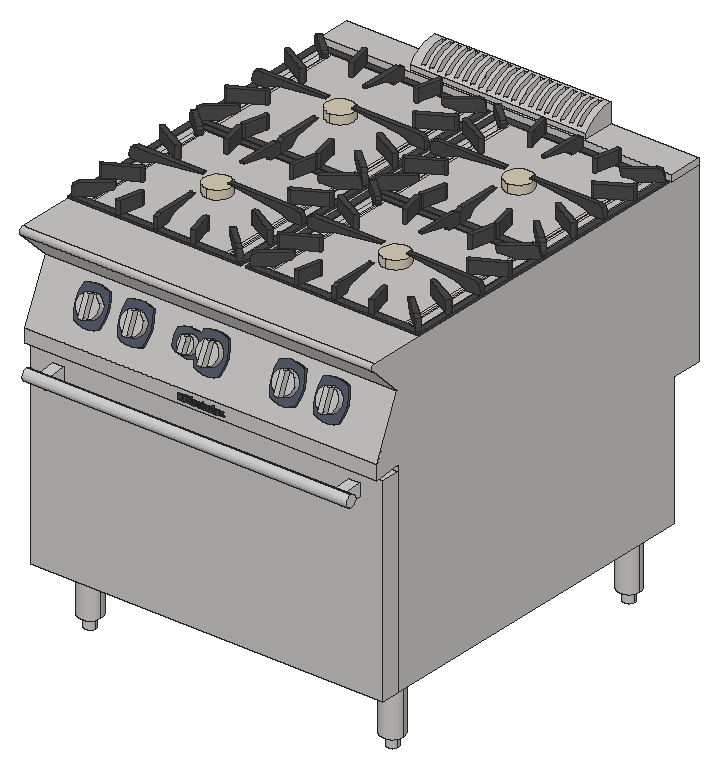
Revit family "QF_ELECTROLUXPROFESSIONAL_391004_E9GCGH4CGL", category Specialty Equipment, Revit 2018 (continued)
Automatic sketch dimensions
  Extrusion 12 sketch curve to Extrusion 12 sketch curve = 0.137 mm
  Extrusion 12 sketch curve to Extrusion 12 sketch curve = 0.027 mm
  Extrusion 12 sketch curve to Extrusion 12 sketch curve = 2.235 mm
  Extrusion 13 sketch curve to Extrusion 1 = 0 mm
  Extrusion 1 to Extrusion 13 sketch curve = 9.61 mm
  Extrusion 13 sketch curve to Extrusion 1 = 0.775 mm
  Extrusion 1 to Extrusion 13 sketch curve = 0.1 mm
  Extrusion 15 sketch curve to plane 12 = 298.908 mm
  plane 5 "FRONT" to Extrusion 15 sketch curve = 18.336 mm
  Extrusion 15 sketch curve to Extrusion 15 sketch curve = 3.343 mm
  Extrusion 15 sketch curve to Extrusion 15 sketch curve = 2.066 mm
  Extrusion 15 sketch curve to Extrusion 15 sketch curve = 0 mm  (x2)
  Extrusion 15 sketch curve to Extrusion 15 sketch curve = 1.593 mm
  Extrusion 15 sketch curve to Extrusion 15 sketch curve = 5.756 mm
  Extrusion 15 sketch curve to Extrusion 15 sketch curve = 4.906 mm
  Extrusion 15 sketch curve to Extrusion 15 sketch curve = 5.312 mm
  plane 5 "FRONT" to Extrusion 15 sketch curve = 9.206 mm
  Extrusion 15 sketch curve to Extrusion 15 sketch curve = 11.3 mm
  Extrusion 15 sketch curve to Extrusion 15 sketch curve = 28.009 mm
  Extrusion 15 sketch curve to Extrusion 15 sketch curve = 2.83 mm
  Extrusion 16 sketch curve to plane 12 = 298.908 mm
  plane 5 "FRONT" to Extrusion 16 sketch curve = 18.336 mm
  Extrusion 16 sketch curve to Extrusion 16 sketch curve = 3.343 mm
  Extrusion 16 sketch curve to Extrusion 16 sketch curve = 2.066 mm
  Extrusion 16 sketch curve to Extrusion 16 sketch curve = 0 mm  (x2)
  Extrusion 16 sketch curve to Extrusion 16 sketch curve = 1.593 mm
  Extrusion 16 sketch curve to Extrusion 16 sketch curve = 5.756 mm
  Extrusion 16 sketch curve to Extrusion 16 sketch curve = 4.906 mm
  Extrusion 16 sketch curve to Extrusion 16 sketch curve = 5.312 mm
  plane 5 "FRONT" to Extrusion 16 sketch curve = 9.206 mm
  Extrusion 16 sketch curve to Extrusion 16 sketch curve = 11.3 mm
  Extrusion 16 sketch curve to Extrusion 16 sketch curve = 28.009 mm
  Extrusion 16 sketch curve to Extrusion 16 sketch curve = 11.2 mm
  plane 5 "FRONT" to Extrusion 19 sketch curve = 0 mm  (x2)
  plane 1 "BACK" to Extrusion 19 sketch curve = 0 mm
  Extrusion 19 sketch curve to plane 3 "LEFT" = 0 mm
  Extrusion 19 sketch curve to plane 4 "RIGHT" = 0 mm
  Extrusion 19 sketch curve to plane 3 "LEFT" = 100.013 mm
  Extrusion 19 sketch curve to Extrusion 19 sketch curve = 100.013 mm
  Extrusion 19 sketch curve to plane 1 "BACK" = 100.013 mm
  Extrusion 1 sketch curve to plane 5 "FRONT" = 7.973 mm
  Extrusion 1 sketch curve to plane 5 "FRONT" = 13.51 mm
  plane 15 to Extrusion 1 sketch curve = 57.381 mm
  Extrusion 15 sketch curve to plane 5 "FRONT" = 29.472 mm
  Extrusion 16 sketch curve to plane 5 "FRONT" = 29.472 mm
  Extrusion 17 sketch curve to Extrusion 13 = 0 mm  (x2)
  Extrusion 17 sketch curve to Extrusion 13 = 3.712 mm
  Extrusion 17 sketch curve to Extrusion 13 = 0.003 mm
  Extrusion 13 to Extrusion 17 sketch curve = 3.53 mm
  plane 4 "RIGHT" to Revolve 3 sketch curve = 55.563 mm
  Revolve 3 sketch curve to Revolve 3 sketch curve = 0 mm
  plane 4 "RIGHT" to Revolve 4 sketch curve = 55.562 mm
  Revolve 4 sketch curve to Revolve 4 sketch curve = 0 mm
  Extrusion 9 sketch curve to Extrusion 9 sketch curve = 15.898 mm
  plane 5 "FRONT" to curve 1 = 0 mm
  curve 10 to plane 3 "LEFT" = 0 mm
  plane 17 to curve 10 = 0 mm
  curve 8 to plane 4 "RIGHT" = 0 mm
  plane 5 "FRONT" to curve 6 = 0 mm
  curve 1 to plane 3 "LEFT" = 100.013 mm
  plane 4 "RIGHT" to curve 10 = 0.1 mm
  curve 3 to plane 4 "RIGHT" = 100.013 mm
  curve 3 to plane 5 "FRONT" = 0.396 mm
  curve 11 to plane 5 "FRONT" = 1.275 mm
  plane 11 to curve 7 = 4.762 mm
  curve 2 to plane 1 "BACK" = 100.013 mm
  plane 13 to curve 13 = 25.075 mm
  plane 13 to curve 20 = 5.2 mm
  curve 22 to plane 13 = 20.2 mm
  curve 17 to plane 19 = 20.2 mm
  plane 19 to curve 23 = 5.2 mm
  plane 5 "FRONT" to curve 15 = 7.706 mm
  curve 15 to curve 15 = 19.875 mm
  curve 12 to curve 15 = 25.4 mm
  curve 17 to curve 17 = 23.508 mm
  curve 12 to curve 20 = 9.598 mm
  curve 18 to curve 17 = 7.706 mm
  curve 19 to curve 20 = 7.706 mm
  plane 1 "BACK" to curve 26 = 0 mm
  curve 24 to plane 13 = 144 mm
  plane 1 "BACK" to curve 106 = 6.761 mm
  curve 24 to curve 106 = 20.698 mm
  curve 105 to curve 103 = 9.296 mm
  curve 103 to curve 102 = 9.397 mm
  curve 100 to curve 99 = 9.296 mm
  curve 99 to curve 97 = 9.397 mm
  curve 97 to curve 98 = 9.296 mm
  curve 95 to curve 93 = 9.397 mm
  curve 93 to curve 94 = 9.296 mm
  curve 91 to curve 88 = 9.397 mm
  curve 89 to curve 87 = 9.296 mm
  curve 87 to curve 85 = 9.397 mm
  curve 85 to curve 86 = 9.296 mm
  curve 83 to curve 82 = 9.397 mm
  curve 81 to curve 82 = 9.296 mm
  curve 79 to curve 78 = 9.397 mm
  curve 77 to curve 78 = 9.296 mm
  curve 75 to curve 72 = 9.397 mm
  curve 72 to curve 72 = 9.296 mm
  curve 71 to curve 68 = 9.397 mm
  curve 67 to plane 7 "Center Y" = 1.823 mm
  plane 7 "Center Y" to curve 65 = 7.574 mm
  curve 64 to curve 64 = 9.296 mm
  curve 63 to curve 61 = 9.397 mm
  curve 61 to curve 59 = 9.296 mm
  curve 59 to curve 57 = 9.397 mm
  curve 57 to curve 55 = 9.296 mm
  curve 55 to curve 53 = 9.397 mm
  curve 53 to curve 51 = 9.296 mm
  curve 51 to curve 48 = 9.397 mm
  curve 49 to curve 47 = 9.296 mm
  curve 47 to curve 45 = 9.397 mm
  curve 45 to curve 46 = 9.296 mm
  curve 43 to curve 41 = 9.397 mm
  curve 41 to curve 42 = 9.296 mm
  curve 39 to curve 37 = 9.397 mm
  curve 37 to curve 38 = 9.296 mm
  curve 35 to curve 32 = 9.397 mm
  curve 33 to curve 31 = 9.296 mm
  curve 31 to curve 28 = 9.397 mm
  curve 29 to curve 27 = 9.296 mm
  curve 30 to curve 26 = 14.847 mm
  plane 11 to curve 26 = 11.113 mm
  plane 11 to curve 104 = 17.052 mm
  plane 11 to curve 100 = 17.052 mm
  curve 100 to curve 96 = 0 mm
  curve 25 to curve 27 = 5.939 mm
  curve 95 to curve 93 = 0 mm
  curve 31 to curve 28 = 0 mm
  curve 91 to curve 89 = 0 mm
  curve 35 to curve 32 = 0 mm
  curve 87 to curve 85 = 0 mm
  curve 39 to curve 36 = 0 mm
  curve 83 to curve 81 = 0 mm
  curve 43 to curve 40 = 0 mm
  curve 79 to curve 77 = 0 mm
  curve 47 to curve 44 = 0 mm
  curve 75 to curve 73 = 0 mm
  curve 51 to curve 48 = 0 mm
  curve 71 to curve 69 = 0 mm
  curve 55 to curve 52 = 0 mm
  curve 67 to curve 65 = 0 mm
  curve 59 to curve 56 = 0 mm
  plane 1 "BACK" to curve 62 = 6.761 mm
  plane 1 "BACK" to curve 63 = 6.761 mm
  plane 1 "BACK" to curve 58 = 6.761 mm
  plane 1 "BACK" to curve 67 = 6.761 mm
  plane 1 "BACK" to curve 54 = 6.761 mm
  plane 1 "BACK" to curve 50 = 6.761 mm
  plane 1 "BACK" to curve 73 = 6.761 mm
  plane 1 "BACK" to curve 75 = 6.761 mm
  plane 1 "BACK" to curve 46 = 6.761 mm
  plane 1 "BACK" to curve 42 = 6.761 mm
  plane 1 "BACK" to curve 81 = 6.761 mm
  plane 1 "BACK" to curve 38 = 6.761 mm
  plane 1 "BACK" to curve 85 = 6.761 mm
  plane 1 "BACK" to curve 34 = 6.761 mm
  plane 1 "BACK" to curve 89 = 6.761 mm
  plane 1 "BACK" to curve 91 = 6.761 mm
  plane 1 "BACK" to curve 30 = 6.761 mm
  plane 1 "BACK" to curve 101 = 6.761 mm
  plane 1 "BACK" to curve 97 = 6.761 mm
  radius of Extrusion 10 sketch curve = 25.4 mm  (x5)
  radius of Extrusion 10 sketch curve = 19.05 mm
  radius of Extrusion 11 sketch curve to Extrusion 10 = 0 mm  (x6)
  radius of Extrusion 14 sketch curve to Extrusion 16 = 0 mm
  radius of Extrusion 18 sketch curve = 6.4 mm  (x2)
Nested families
  nested 1: "371009_BURNER" at (393.7, -440.488, 0) x (-1, 0, 0) z (0, 0, 1), type "371009_BURNER"
    with Type Mark "", Status "", Specification by User "", Revision Code "", Item Number "", Installed By "", Identify Quantity as Lot yes, Furnished By "", Foodservice Equipment Identifier yes
  nested 2: "371009_BURNER" at (393.7, -440.488, 0) x (-1, 0, 0) z (0, 0, 1), type "371009_BURNER"
    with Type Mark "", Status "", Specification by User "", Revision Code "", Item Number "", Installed By "", Identify Quantity as Lot yes, Furnished By "", Foodservice Equipment Identifier yes
  nested 3: "371009_BURNER" at (406.4, -440.488, 0), type "371009_BURNER"
    with Type Mark "", Status "", Specification by User "", Revision Code "", Item Number "", Installed By "", Identify Quantity as Lot yes, Furnished By "", Foodservice Equipment Identifier yes
  nested 4: "371009_BURNER" at (406.4, -440.488, 0), type "371009_BURNER"
    with Type Mark "", Status "", Specification by User "", Revision Code "", Item Number "", Installed By "", Identify Quantity as Lot yes, Furnished By "", Foodservice Equipment Identifier yes
Connectors
  piping at (749.3, -665.163, 128.587), diameter 12.8
    settings: on Extrusion 18, index 1, connector inside diameter 0.50394", connector length 0 mm, flow factor 0, pipe flow 0 GPM, pressure drop 0.00 psi, fitting loss kfactor 0, connector angle 0.00°, fixture units 0, engagement length 0 mm, angle of deflection 0.00°, flow configuration 1, flow direction 1, fitting loss method 0, system type 7, joint type 0, gender type 0, connector reference index -1, connector utility 0, adjustable connector no, is connector primary yes, connector description "GAS CONNECTION"
Definition of nested family "371009_BURNER"
  Parameters
    Weight in Pounds = 0
    URL Cutsheet = ""
    URL = "www.electrolux.com"
    Type Mark [instance] = ""
    Status [instance] = ""
    Specification by User [instance] = ""
    Specification by Manufacturer = ""
    Show Clearance [instance] = yes
    Serial Number = ""
    Seismic Rating = ""
    SMACNA No = ""
    Revision Code [instance] = ""
    Omniclass Number and Title = ""
    NAFEM Spec ID Number = ""
    Model = "371009"
    Masterspec = ""
    Manufacturer = "ELECTROLUX"
    Item Number [instance] = ""
    Installed By [instance] = ""
    Identify Quantity as Lot [instance] = yes
    Furnished By [instance] = ""
    Foodservice Equipment Identifier [instance] = yes
    Description = ""
    CSI MasterFormat = ""
    CSI Master Format = ""
  Reference planes
    plane 1 "BACK": y = 0
    plane 2: z = 0
    plane 3 "LEFT": x = 0
    plane 4 "RIGHT": x = 393.7
    plane 5 "FRONT": y = -355.6
    plane 6 "TOP": z = 908.85
    plane 7 "Center Y": x = 196.85
    plane 8 "Center X": y = -177.8
    plane 9 "Base": z = 150
    plane 10: z = 850.85
  Forms (mm)
    Extrusion 1, solid
      sketch origin (-6.433, -404.961, 5) x (1, 0, 0) y (0, 0, -1)
        loop
          arc (7.142, -850.85) -> (6.739, -862.989) -> (9.761, -874.752) r 42.809
          line (9.761, -874.752) -> (19.961, -879.425) -> (173.122, -879.425)
          arc (173.122, -879.425) -> (174.316, -878.312) -> (173.289, -877.043) r 1.197
          line (173.289, -877.043) -> (64.848, -864.021)
          arc (64.848, -864.021) -> (50.111, -858.738) -> (36.589, -850.85) r 85.245
          line (36.589, -850.85) -> (7.142, -850.85)
        loop
          line (399.424, -850.85) -> (369.977, -850.85)
          arc (369.977, -850.85) -> (356.455, -858.738) -> (341.718, -864.021) r 85.245
          line (341.718, -864.021) -> (233.277, -877.043)
          arc (233.277, -877.043) -> (232.25, -878.312) -> (233.444, -879.425) r 1.197
          line (233.444, -879.425) -> (386.605, -879.425) -> (396.806, -874.752)
          arc (396.806, -874.752) -> (399.827, -862.989) -> (399.424, -850.85) r 42.809
      from 224.564 to 234.564
    Extrusion 2, solid
      sketch origin (196.85, 175.397, 1219.2) x (0, 1, 0) y (0, 0, 1)
        loop
          line (-204.463, -363.35) -> (-175.397, -363.35) -> (-175.397, -339.506)
          arc (-175.397, -339.506) -> (-181.025, -338.266) -> (-185.611, -334.775) r 13.39
          line (-185.611, -334.775) -> (-278.903, -334.775)
          arc (-278.903, -334.775) -> (-280.097, -335.888) -> (-279.07, -337.157) r 1.197
          line (-279.07, -337.157) -> (-227.151, -347.464)
          arc (-227.151, -347.464) -> (-213.741, -352.457) -> (-204.463, -363.35) r 28.426
        loop
          arc (-496.332, -363.35) -> (-487.053, -352.457) -> (-473.644, -347.464) r 28.426
          line (-473.644, -347.464) -> (-421.725, -337.157)
          arc (-421.725, -337.157) -> (-420.697, -335.888) -> (-421.891, -334.775) r 1.197
          line (-421.891, -334.775) -> (-515.184, -334.775)
          arc (-515.184, -334.775) -> (-519.769, -338.266) -> (-525.397, -339.506) r 13.39
          line (-525.397, -339.506) -> (-525.397, -363.35) -> (-496.332, -363.35)
      from -5 to 5
    Extrusion 3, solid
      sketch origin (-6.433, 367.064, 850.85) x (0, -1, 0) y (1, 0, 0)
        loop
          line (722.664, 6.433) -> (722.664, 400.133) -> (367.064, 400.133) -> (367.064, 6.433) -> (722.664, 6.433)
        loop
          line (382.064, 21.433) -> (707.664, 21.433) -> (707.664, 385.133) -> (382.064, 385.133) -> (382.064, 21.433)
      from 0 to 5
    Extrusion 4, solid
      sketch origin (-18.933, 367.064, 855.85) x (0, -1, 0) y (1, 0, 0)
        loop
          circle (541.667, 215.783) r 30
      from -1.321 to 17.134
    Extrusion 5, solid
      sketch origin (-6.433, -367.064, 0) x (1, 0, 0) y (0, 0, -1)
        loop
          line (21.433, -855.85) -> (36.589, -855.85)
          arc (36.589, -855.85) -> (40.561, -855.243) -> (44.305, -853.783) r 18.259
          arc (44.305, -853.783) -> (45.997, -853.366) -> (47.69, -853.783) r 3.649
          arc (47.69, -853.783) -> (49.901, -854.522) -> (52.232, -854.529) r 7.328
          line (52.232, -854.529) -> (354.334, -854.529)
          arc (354.334, -854.529) -> (356.666, -854.522) -> (358.877, -853.783) r 7.328
          arc (358.877, -853.783) -> (360.569, -853.366) -> (362.261, -853.783) r 3.649
          arc (362.261, -853.783) -> (366.005, -855.243) -> (369.977, -855.85) r 18.259
          line (369.977, -855.85) -> (385.133, -855.85) -> (385.133, -850.85) -> (21.433, -850.85) -> (21.433, -855.85)
      from 26.464 to 352.064
    Extrusion 6, solid
      sketch origin (83.284, -458.334, 5) x (0.742103, 0.670286, 0) y (0, 0, -1)
        loop
          arc (88.629, -864.012) -> (73.909, -858.731) -> (60.402, -850.85) r 85.245
          line (60.402, -850.85) -> (14.993, -850.85)
          arc (14.993, -850.85) -> (14.642, -862.948) -> (17.686, -874.663) r 42.876
          line (17.686, -874.663) -> (27.899, -879.425) -> (89.664, -879.425)
          arc (89.664, -879.425) -> (92.39, -878.352) -> (93.654, -875.709) r 4
          arc (93.654, -875.709) -> (92.562, -869.25) -> (88.629, -864.012) r 13.87
        loop
          arc (457.638, -864.012) -> (453.704, -869.25) -> (452.613, -875.709) r 13.87
          arc (452.613, -875.709) -> (453.876, -878.352) -> (456.603, -879.425) r 4
          line (456.603, -879.425) -> (518.367, -879.425) -> (528.581, -874.663)
          arc (528.581, -874.663) -> (531.624, -862.948) -> (531.273, -850.85) r 42.876
          line (531.273, -850.85) -> (485.865, -850.85)
          arc (485.865, -850.85) -> (472.357, -858.731) -> (457.638, -864.012) r 85.245
      from 127.064 to 137.064
    Extrusion 7, solid
      sketch origin (310.416, -458.334, 5) x (-0.742103, 0.670286, 0) y (0, 0, 1)
        loop
          arc (88.629, 864.012) -> (92.562, 869.25) -> (93.654, 875.709) r 13.87
          arc (93.654, 875.709) -> (92.39, 878.352) -> (89.664, 879.425) r 4
          line (89.664, 879.425) -> (27.899, 879.425) -> (17.686, 874.663)
          arc (17.686, 874.663) -> (14.642, 862.948) -> (14.993, 850.85) r 42.876
          line (14.993, 850.85) -> (60.402, 850.85)
          arc (60.402, 850.85) -> (73.909, 858.731) -> (88.629, 864.012) r 85.245
        loop
          arc (457.638, 864.012) -> (472.357, 858.731) -> (485.865, 850.85) r 85.245
          line (485.865, 850.85) -> (531.273, 850.85)
          arc (531.273, 850.85) -> (531.624, 862.948) -> (528.581, 874.663) r 42.876
          line (528.581, 874.663) -> (518.367, 879.425) -> (456.603, 879.425)
          arc (456.603, 879.425) -> (453.876, 878.352) -> (452.613, 875.709) r 4
          arc (452.613, 875.709) -> (453.704, 869.25) -> (457.638, 864.012) r 13.87
      from 127.064 to 137.064
    Extrusion 8, solid
      sketch origin (-6.433, 367.064, 855.85) x (0, -1, 0) y (1, 0, 0)
        loop
          arc (626.166, 9.428) -> (632.956, 7.454) -> (634.93, 14.244) r 5
          line (634.93, 14.244) -> (600.514, 76.878)
          arc (600.514, 76.878) -> (593.724, 78.852) -> (591.75, 72.062) r 5
          line (591.75, 72.062) -> (626.166, 9.428)
        loop
          line (463.562, 9.428) -> (497.977, 72.062)
          arc (497.977, 72.062) -> (496.003, 78.852) -> (489.213, 76.878) r 5
          line (489.213, 76.878) -> (454.798, 14.244)
          arc (454.798, 14.244) -> (456.772, 7.454) -> (463.562, 9.428) r 5
        loop
          line (626.166, 397.138) -> (591.75, 334.504)
          arc (591.75, 334.504) -> (593.724, 327.714) -> (600.514, 329.689) r 5
          line (600.514, 329.689) -> (634.93, 392.323)
          arc (634.93, 392.323) -> (632.956, 399.113) -> (626.166, 397.138) r 5
        loop
          arc (463.562, 397.138) -> (456.772, 399.113) -> (454.798, 392.323) r 5
          line (454.798, 392.323) -> (489.213, 329.689)
          arc (489.213, 329.689) -> (496.003, 327.714) -> (497.977, 334.504) r 5
          line (497.977, 334.504) -> (463.562, 397.138)
        loop
          line (715.14, 293.499) -> (666.703, 282.317)
          arc (666.703, 282.317) -> (662.956, 276.32) -> (668.953, 272.573) r 5
          line (668.953, 272.573) -> (717.389, 283.756)
          arc (717.389, 283.756) -> (721.136, 289.752) -> (715.14, 293.499) r 5
        loop
          arc (715.14, 113.067) -> (721.136, 116.814) -> (717.389, 122.811) r 5
          line (717.389, 122.811) -> (668.953, 133.993)
          arc (668.953, 133.993) -> (662.956, 130.246) -> (666.703, 124.249) r 5
          line (666.703, 124.249) -> (715.14, 113.067)
        loop
          arc (374.588, 293.499) -> (368.591, 289.752) -> (372.338, 283.756) r 5
          line (372.338, 283.756) -> (420.775, 272.573)
          arc (420.775, 272.573) -> (426.771, 276.32) -> (423.024, 282.317) r 5
          line (423.024, 282.317) -> (374.588, 293.499)
        loop
          line (374.588, 113.067) -> (423.024, 124.249)
          arc (423.024, 124.249) -> (426.771, 130.246) -> (420.775, 133.993) r 5
          line (420.775, 133.993) -> (372.338, 122.811)
          arc (372.338, 122.811) -> (368.591, 116.814) -> (374.588, 113.067) r 5
      from 0 to 28.575
  Lines and regions (mm)
    symbolic lines
      curve 1: line (0, -355.6, 150) -> (393.7, -355.6, 150)
      curve 2: line (0, 0, 150) -> (0, -355.6, 150)
      curve 3: line (393.7, -355.6, 150) -> (393.7, 0, 150)
      curve 4: line (369.633, -15, 150) -> (285.34, -15, 150)
      curve 5: line (24.067, -340.6, 150) -> (108.36, -340.6, 150)
      curve 6: line (157.475, -170.397, 150) -> (157.475, -15, 150)
      curve 7: line (236.225, -170.397, 150) -> (236.225, -15, 150)
      curve 8: line (201.85, -350, 150) -> (201.85, -176.674, 150)
      curve 9: line (0, -180.397, 150) -> (167.224, -180.397, 150)
      curve 10: line (393.7, -170.397, 150) -> (228.275, -170.397, 150)
      curve 11: line (15, -180.397, 150) -> (15, -252.506, 150)
      curve 12: line (45.799, -340.6, 150) -> (45.799, -320.971, 150)
      curve 13: line (167.224, -170.397, 150) -> (0, -170.397, 150)
      curve 14: line (228.275, -180.504, 150) -> (393.7, -180.504, 150)
      curve 15: arc (228.275, -170.397, 150) -> (223.221, -175.45, 150) -> (228.275, -180.504, 150) r 5.054
      curve 16: arc (167.224, -170.397, 150) -> (172.224, -175.397, 150) -> (167.224, -180.397, 150) r 5
      curve 17: line (191.85, -176.674, 150) -> (191.85, -350, 150)
      curve 18: line (201.85, -134.556, 150) -> (201.85, -0.794, 150)
      curve 19: arc (201.85, -176.674, 150) -> (196.85, -171.674, 150) -> (191.85, -176.674, 150) r 5
      curve 20: arc (201.85, -134.556, 150) -> (196.85, -139.556, 150) -> (191.85, -134.556, 150) r 5
      curve 21: line (191.85, -15, 150) -> (118.623, -15, 150)
      curve 22: arc (201.85, -29.042, 150) -> (213.272, -50.008, 150) -> (201.85, -70.973, 150) r 24.953
      curve 23: arc (213.086, -53.048, 150) -> (214.5, -50.008, 150) -> (213.086, -46.967, 150) r 3.975
      curve 24: arc (191.85, -29.852, 150) -> (181.339, -50.008, 150) -> (191.85, -70.163, 150) r 24.58
      curve 25: arc (181.527, -53.042, 150) -> (179.976, -50.008, 150) -> (181.527, -46.973, 150) r 3.745
      curve 26: line (191.85, -0.794, 150) -> (191.85, -134.556, 150)
      curve 27: line (191.85, -350, 150) -> (201.85, -350, 150)
      curve 28: line (191.85, -11.007, 150) -> (201.85, -11.007, 150)
      curve 29: line (191.85, -0.794, 150) -> (201.85, -0.794, 150)
      curve 30: line (201.85, -340.6, 150) -> (275.077, -340.6, 150)
      curve 31: arc (196.85, -145.397, 0) -> (166.955, -172.888, 0) -> (191.85, -204.977, 0) r 30
      curve 32: arc (201.85, -204.977, 0) -> (226.745, -172.888, 0) -> (196.85, -145.397, 0) r 30
      curve 33: arc (158.678, -180.397, 0) -> (170.734, -200.207, 0) -> (191.85, -209.795, 0) r 39.375
      curve 34: line (163.825, -170.397, 150) -> (163.825, -15, 150)
      curve 35: line (229.875, -170.397, 150) -> (229.875, -15, 150)
      curve 36: line (144.775, -170.397, 150) -> (144.775, -15, 150)
      curve 37: line (248.925, -170.397, 150) -> (248.925, -15, 150)
      curve 38: arc (145.678, -180.397, 0) -> (161.728, -209.187, 0) -> (191.85, -222.573, 0) r 52.075
      curve 39: arc (201.85, -209.795, 0) -> (222.966, -200.207, 0) -> (235.022, -180.397, 0) r 39.375
      curve 40: arc (201.85, -222.573, 0) -> (231.931, -209.224, 0) -> (248.001, -180.504, 0) r 52.075
      curve 41: line (393.7, 0, 0) -> (0, 0, 0)
      curve 42: line (70.445, -122.149, 0) -> (7.81, -87.734, 0)
      curve 43: arc (7.81, -87.734, 0) -> (1.021, -89.708, 0) -> (2.995, -96.498, 0) r 5
      curve 44: line (2.995, -96.498, 0) -> (65.629, -130.914, 0)
      curve 45: arc (65.629, -130.914, 0) -> (72.419, -128.939, 0) -> (70.445, -122.149, 0) r 5
      curve 46: line (65.629, -224.686, 0) -> (2.995, -259.102, 0)
      curve 47: arc (2.995, -259.102, 0) -> (1.021, -265.892, 0) -> (7.81, -267.866, 0) r 5
      curve 48: line (7.81, -267.866, 0) -> (70.445, -233.451, 0)
      curve 49: arc (70.445, -233.451, 0) -> (72.419, -226.661, 0) -> (65.629, -224.686, 0) r 5
      curve 50: line (323.255, -122.149, 0) -> (385.89, -87.734, 0)
      curve 51: arc (385.89, -87.734, 0) -> (392.679, -89.708, 0) -> (390.705, -96.498, 0) r 5
      curve 52: line (390.705, -96.498, 0) -> (328.071, -130.914, 0)
      curve 53: arc (328.071, -130.914, 0) -> (321.281, -128.939, 0) -> (323.255, -122.149, 0) r 5
      curve 54: line (328.071, -224.686, 0) -> (390.705, -259.102, 0)
      curve 55: arc (390.705, -259.102, 0) -> (392.679, -265.892, 0) -> (385.89, -267.866, 0) r 5
      curve 56: line (385.89, -267.866, 0) -> (323.255, -233.451, 0)
      curve 57: arc (323.255, -233.451, 0) -> (321.281, -226.661, 0) -> (328.071, -224.686, 0) r 5
      curve 58: line (118.623, -340.6, 150) -> (191.85, -340.6, 150)
      curve 59: line (285.34, -340.6, 150) -> (369.633, -340.6, 150)
      curve 60: line (378.7, -335.314, 0) -> (378.7, -263.916, 0)
      curve 61: line (1.326, -7.935, 0) -> (58.752, -59.804, 0)
      curve 62: line (65.455, -52.383, 0) -> (8.029, -0.514, 0)
      curve 63: arc (58.752, -59.804, 0) -> (65.814, -59.445, 0) -> (65.455, -52.383, 0) r 5
      curve 64: line (1.326, -7.935, 0) -> (8.029, -0.514, 0)
      curve 65: line (392.374, -7.935, 0) -> (334.948, -59.804, 0)
      curve 66: line (328.245, -52.383, 0) -> (385.671, -0.514, 0)
      curve 67: arc (334.948, -59.804, 0) -> (327.886, -59.445, 0) -> (328.245, -52.383, 0) r 5
      curve 68: line (392.374, -7.935, 0) -> (385.671, -0.514, 0)
      curve 69: line (392.374, -347.665, 0) -> (334.948, -295.796, 0)
      curve 70: line (328.245, -303.217, 0) -> (385.671, -355.086, 0)
      curve 71: arc (334.948, -295.796, 0) -> (327.886, -296.155, 0) -> (328.245, -303.217, 0) r 5
      curve 72: line (392.374, -347.665, 0) -> (385.671, -355.086, 0)
      curve 73: line (1.326, -347.665, 0) -> (58.752, -295.796, 0)
      curve 74: line (65.455, -303.217, 0) -> (8.029, -355.086, 0)
      curve 75: arc (58.752, -295.796, 0) -> (65.814, -296.155, 0) -> (65.455, -303.217, 0) r 5
      curve 76: line (1.326, -347.665, 0) -> (8.029, -355.086, 0)
      curve 77: line (347.901, -15, 0) -> (347.901, -34.629, 0)
      curve 78: line (347.901, -320.971, 0) -> (347.901, -340.6, 0)
      curve 79: line (378.7, -252.506, 0) -> (378.7, -180.397, 0)
      curve 80: line (347.901, -246.993, 0) -> (347.901, -307.496, 0)
      curve 81: line (378.7, -170.397, 0) -> (378.7, -103.094, 0)
      curve 82: line (347.901, -180.397, 0) -> (347.901, -235.582, 0)
      curve 83: line (378.7, -91.684, 0) -> (378.7, -20.286, 0)
      curve 84: line (347.901, -120.018, 0) -> (347.901, -170.397, 0)
      curve 85: line (347.901, -48.104, 0) -> (347.901, -108.607, 0)
      curve 86: line (275.077, -15, 150) -> (201.85, -15, 150)
      curve 87: line (108.36, -15, 150) -> (24.067, -15, 150)
      curve 88: line (45.799, -40, 150) -> (45.799, -15, 150)
      curve 89: line (45.799, -108.607, 150) -> (45.799, -40, 150)
      curve 90: line (15, -20.286, 0) -> (15, -91.684, 0)
      curve 91: line (15, -103.094, 0) -> (15, -170.397, 0)
      curve 92: line (45.799, -170.397, 150) -> (45.799, -120.018, 150)
      curve 93: line (45.799, -235.582, 150) -> (45.799, -180.397, 150)
      curve 94: line (15, -263.916, 150) -> (15, -335.314, 150)
      curve 95: line (45.799, -307.496, 150) -> (45.799, -246.993, 150)
      curve 96: line (116.378, -350.325, 0) -> (127.56, -301.889, 0)
      curve 97: arc (127.56, -301.889, 0) -> (123.813, -295.892, 0) -> (117.816, -299.64, 0) r 5
      curve 98: line (117.816, -299.64, 0) -> (106.634, -348.076, 0)
      curve 99: arc (106.634, -348.076, 0) -> (110.381, -354.072, 0) -> (116.378, -350.325, 0) r 5
      curve 100: line (266.14, -301.889, 0) -> (277.322, -350.325, 0)
      curve 101: arc (277.322, -350.325, 0) -> (283.319, -354.072, 0) -> (287.066, -348.076, 0) r 5
      curve 102: line (287.066, -348.076, 0) -> (275.884, -299.64, 0)
      curve 103: arc (275.884, -299.64, 0) -> (269.887, -295.892, 0) -> (266.14, -301.889, 0) r 5
      curve 104: line (275.884, -55.96, 0) -> (287.066, -7.524, 0)
      curve 105: arc (287.066, -7.524, 0) -> (283.319, -1.528, 0) -> (277.322, -5.275, 0) r 5
      curve 106: line (277.322, -5.275, 0) -> (266.14, -53.711, 0)
      curve 107: arc (266.14, -53.711, 0) -> (269.887, -59.708, 0) -> (275.884, -55.96, 0) r 5
      curve 108: line (127.56, -53.711, 0) -> (116.378, -5.275, 0)
      curve 109: arc (116.378, -5.275, 0) -> (110.381, -1.528, 0) -> (106.634, -7.524, 0) r 5
      curve 110: line (106.634, -7.524, 0) -> (117.816, -55.96, 0)
      curve 111: arc (117.816, -55.96, 0) -> (123.813, -59.708, 0) -> (127.56, -53.711, 0) r 5
  Dimensions and locks
    equal spacing: plane 3 "LEFT", plane 7 "Center Y", plane 4 "RIGHT"
    plane 3 "LEFT" to plane 4 "RIGHT" = 393.7 mm
    equal spacing: plane 5 "FRONT", plane 8 "Center X", plane 1 "BACK"
    plane 5 "FRONT" to plane 1 "BACK" = 355.6 mm
    plane 6 "TOP" to level = 908.85 mm
    plane 9 "Base" to level = 150 mm
    plane 6 "TOP" to plane 10 = 58 mm  (x2)
    locked: Extrusion 4 sketch curve to plane 7 "Center Y" at 0
    aligned and locked: level to plane 2
  Automatic sketch dimensions
    curve 10 to plane 4 "RIGHT" = 0 mm
    curve 20 to plane 7 "Center Y" = 0 mm
    curve 19 to plane 7 "Center Y" = 0 mm
    curve 9 to plane 3 "LEFT" = 0 mm
    plane 1 "BACK" to curve 2 = 0 mm
    plane 1 "BACK" to curve 3 = 0 mm
    plane 5 "FRONT" to curve 2 = 0 mm
    curve 4 to plane 4 "RIGHT" = 24.067 mm
    curve 59 to plane 4 "RIGHT" = 24.067 mm
    plane 1 "BACK" to curve 37 = 15 mm
    plane 7 "Center Y" to curve 37 = 52.075 mm
    curve 37 to curve 7 = 12.7 mm
    curve 7 to curve 35 = 6.35 mm
    plane 8 "Center X" to curve 15 = 2.35 mm
    curve 35 to curve 15 = 1.6 mm
    plane 7 "Center Y" to curve 23 = 16.236 mm
    curve 23 to curve 23 = 0 mm
    curve 23 to curve 23 = 2.56 mm
    curve 23 to curve 24 = 4.607 mm
    plane 7 "Center Y" to curve 86 = 5 mm
    plane 7 "Center Y" to curve 27 = 5 mm
    curve 22 to plane 7 "Center Y" = 8.531 mm
    curve 22 to curve 25 = 4.597 mm
    curve 25 to curve 25 = 2.194 mm  (x2)
    curve 9 to plane 8 "Center X" = 2.597 mm
    curve 17 to curve 9 = 24.626 mm
    curve 21 to curve 34 = 28.025 mm
    curve 34 to curve 6 = 6.35 mm
    plane 8 "Center X" to curve 36 = 7.403 mm
    curve 6 to curve 36 = 12.7 mm
    plane 3 "LEFT" to curve 12 = 45.799 mm
    plane 3 "LEFT" to curve 87 = 24.067 mm
    plane 3 "LEFT" to curve 5 = 24.067 mm
    plane 1 "BACK" to curve 26 = 0.794 mm
    curve 28 to curve 86 = 3.993 mm
    curve 28 to curve 21 = 3.993 mm
    curve 86 to curve 22 = 14.042 mm
    curve 22 to curve 24 = 0.81 mm
    curve 22 to curve 23 = 17.925 mm
    curve 25 to curve 22 = 3.035 mm
    plane 8 "Center X" to curve 26 = 43.244 mm
    curve 15 to curve 15 = 5.054 mm
    plane 8 "Center X" to curve 17 = 1.126 mm
    curve 94 to curve 12 = 5.286 mm
    curve 58 to plane 5 "FRONT" = 15 mm
    curve 59 to plane 5 "FRONT" = 15 mm
    curve 8 to plane 5 "FRONT" = 5.6 mm
    plane 3 "LEFT" to Extrusion 1 sketch curve = 0.709 mm
    plane 3 "LEFT" to Extrusion 1 sketch curve = 3.327 mm
    Extrusion 1 sketch curve to Extrusion 1 sketch curve = 10.201 mm
    plane 10 to Extrusion 1 sketch curve = 5 mm  (x2)
    Extrusion 1 sketch curve to Extrusion 1 sketch curve = 29.447 mm
    Extrusion 1 sketch curve to Extrusion 1 sketch curve = 12.704 mm  (x2)
    Extrusion 1 sketch curve to Extrusion 1 sketch curve = 15.555 mm  (x2)
    plane 3 "LEFT" to Extrusion 1 sketch curve = 79.689 mm
    Extrusion 1 sketch curve to plane 7 "Center Y" = 30.161 mm
    Extrusion 1 sketch curve to Extrusion 1 sketch curve = 0.167 mm  (x2)
    plane 7 "Center Y" to Extrusion 1 sketch curve = 29.994 mm
    Extrusion 1 sketch curve to plane 4 "RIGHT" = 79.689 mm
    plane 10 to Extrusion 1 sketch curve = 18.171 mm
    Extrusion 1 sketch curve to plane 4 "RIGHT" = 58.415 mm
    Extrusion 1 sketch curve to plane 4 "RIGHT" = 13.528 mm
    Extrusion 1 sketch curve to plane 4 "RIGHT" = 3.327 mm
    Extrusion 1 sketch curve to plane 4 "RIGHT" = 0.709 mm
    Extrusion 1 sketch curve to Extrusion 1 sketch curve = 23.902 mm  (x2)
    Extrusion 1 sketch curve to plane 6 "TOP" = 26.807 mm  (x2)
    Extrusion 1 sketch curve to Extrusion 1 sketch curve = 1.185 mm  (x2)
    Extrusion 1 sketch curve to Extrusion 1 sketch curve = 5.694 mm
    Extrusion 2 sketch curve to plane 1 "BACK" = 0 mm
    plane 1 "BACK" to Extrusion 2 sketch curve = 10.213 mm
    plane 10 to Extrusion 2 sketch curve = 5 mm  (x2)
    plane 1 "BACK" to Extrusion 2 sketch curve = 29.066 mm
    plane 10 to Extrusion 2 sketch curve = 20.886 mm
    Extrusion 2 sketch curve to Extrusion 2 sketch curve = 22.688 mm  (x2)
    Extrusion 2 sketch curve to plane 10 = 7.392 mm  (x2)
    Extrusion 2 sketch curve to plane 6 "TOP" = 24.425 mm
    Extrusion 2 sketch curve to Extrusion 2 sketch curve = 51.752 mm
    Extrusion 2 sketch curve to plane 6 "TOP" = 26.807 mm  (x2)
    Extrusion 2 sketch curve to Extrusion 2 sketch curve = 0.167 mm  (x2)
    Extrusion 2 sketch curve to plane 8 "Center X" = 68.528 mm
    Extrusion 2 sketch curve to plane 5 "FRONT" = 60.248 mm
    Extrusion 2 sketch curve to Extrusion 2 sketch curve = 2.895 mm
    Extrusion 2 sketch curve to plane 5 "FRONT" = 15.813 mm
    Extrusion 2 sketch curve to plane 5 "FRONT" = 5.6 mm
    Extrusion 2 sketch curve to Extrusion 2 sketch curve = 4.731 mm
    Extrusion 2 sketch curve to Extrusion 2 sketch curve = 23.844 mm
    Extrusion 2 sketch curve to Extrusion 2 sketch curve = 1.185 mm
    plane 1 "BACK" to Extrusion 3 sketch curve = 0 mm
    Extrusion 3 sketch curve to plane 3 "LEFT" = 0 mm
    plane 5 "FRONT" to Extrusion 3 sketch curve = 0 mm
    Extrusion 3 sketch curve to plane 4 "RIGHT" = 0 mm
    plane 1 "BACK" to Extrusion 3 sketch curve = 15 mm
    Extrusion 3 sketch curve to plane 5 "FRONT" = 15 mm
    plane 3 "LEFT" to Extrusion 3 sketch curve = 15 mm
    Extrusion 3 sketch curve to plane 4 "RIGHT" = 15 mm
    Extrusion 3 to Extrusion 4 sketch curve = 159.603 mm
    Extrusion 5 sketch curve to plane 10 = 0 mm
    plane 3 "LEFT" to Extrusion 5 sketch curve = 15 mm
    Extrusion 5 sketch curve to Extrusion 5 sketch curve = 14.402 mm
    plane 10 to Extrusion 5 sketch curve = 5 mm
    Extrusion 5 sketch curve to Extrusion 5 sketch curve = 15.156 mm
    plane 10 to Extrusion 5 sketch curve = 2.933 mm  (x3)
    Extrusion 5 sketch curve to Extrusion 5 sketch curve = 7.716 mm  (x2)
    Extrusion 5 sketch curve to Extrusion 5 sketch curve = 0 mm  (x3)
    Extrusion 5 sketch curve to Extrusion 5 sketch curve = 1.692 mm  (x2)
    Extrusion 5 sketch curve to Extrusion 5 sketch curve = 3.385 mm  (x2)
    Extrusion 5 sketch curve to plane 10 = 3.559 mm  (x2)
    plane 10 to Extrusion 5 sketch curve = 3.679 mm
    Extrusion 5 sketch curve to plane 4 "RIGHT" = 45.799 mm
    Extrusion 5 sketch curve to Extrusion 5 sketch curve = 1.143 mm
    Extrusion 5 sketch curve to plane 10 = 13.244 mm
    Extrusion 5 sketch curve to plane 4 "RIGHT" = 15 mm
    plane 10 to Extrusion 6 sketch curve = 5 mm  (x2)
    Extrusion 6 sketch curve to Extrusion 6 sketch curve = 2.692 mm  (x2)
    Extrusion 6 sketch curve to Extrusion 6 sketch curve = 10.213 mm  (x2)
    plane 10 to Extrusion 6 sketch curve = 12.281 mm
    Extrusion 6 sketch curve to Extrusion 6 sketch curve = 29.348 mm  (x2)
    Extrusion 6 sketch curve to Extrusion 6 sketch curve = 3.155 mm  (x2)
    Extrusion 6 sketch curve to Extrusion 6 sketch curve = 22.572 mm
    Extrusion 6 sketch curve to Extrusion 6 sketch curve = 8.81 mm
    Extrusion 6 sketch curve to Extrusion 6 sketch curve = 9.845 mm  (x2)
    Extrusion 6 sketch curve to Extrusion 6 sketch curve = 3.99 mm  (x2)
    Extrusion 6 sketch curve to Extrusion 6 sketch curve = 0 mm  (x2)
    Extrusion 6 sketch curve to Extrusion 6 sketch curve = 49.533 mm
    Extrusion 6 sketch curve to plane 10 = 64.377 mm
    Extrusion 6 sketch curve to Extrusion 6 sketch curve = 326.397 mm
    Extrusion 6 sketch curve to plane 6 "TOP" = 28.141 mm
    Extrusion 6 sketch curve to Extrusion 6 sketch curve = 16.281 mm
    Extrusion 6 sketch curve to Extrusion 6 sketch curve = 1.035 mm
    Extrusion 6 sketch curve to Extrusion 6 sketch curve = 19.417 mm
    Extrusion 6 sketch curve to Extrusion 6 sketch curve = 4.763 mm  (x2)
    Extrusion 6 sketch curve to Extrusion 6 sketch curve = 3.716 mm
    plane 10 to Extrusion 7 sketch curve = 5 mm  (x2)
    Extrusion 7 sketch curve to Extrusion 7 sketch curve = 2.692 mm  (x2)
    Extrusion 7 sketch curve to Extrusion 7 sketch curve = 10.213 mm  (x2)
    plane 10 to Extrusion 7 sketch curve = 12.281 mm
    Extrusion 7 sketch curve to Extrusion 7 sketch curve = 29.348 mm  (x2)
    Extrusion 7 sketch curve to Extrusion 7 sketch curve = 3.155 mm  (x2)
    Extrusion 7 sketch curve to Extrusion 7 sketch curve = 22.572 mm
    Extrusion 7 sketch curve to Extrusion 7 sketch curve = 8.81 mm
    Extrusion 7 sketch curve to Extrusion 7 sketch curve = 9.845 mm  (x2)
    Extrusion 7 sketch curve to Extrusion 7 sketch curve = 3.99 mm  (x2)
    Extrusion 7 sketch curve to Extrusion 7 sketch curve = 0 mm  (x2)
    Extrusion 7 sketch curve to Extrusion 7 sketch curve = 21.306 mm
    Extrusion 7 sketch curve to plane 10 = 64.377 mm  (x2)
    Extrusion 7 sketch curve to Extrusion 7 sketch curve = 326.397 mm
    Extrusion 7 sketch curve to plane 6 "TOP" = 28.141 mm
    Extrusion 7 sketch curve to Extrusion 7 sketch curve = 16.281 mm
    Extrusion 7 sketch curve to Extrusion 7 sketch curve = 1.035 mm
    Extrusion 7 sketch curve to Extrusion 7 sketch curve = 19.417 mm
    Extrusion 7 sketch curve to Extrusion 7 sketch curve = 7.281 mm
    Extrusion 7 sketch curve to Extrusion 7 sketch curve = 10.713 mm
    curve 58 to curve 12 = 72.824 mm
    curve 30 to curve 30 = 73.227 mm
    curve 58 to curve 5 = 10.263 mm
    curve 5 to curve 58 = 0 mm
    curve 59 to curve 30 = 10.263 mm
    curve 30 to curve 8 = 9.4 mm
    curve 31 to curve 32 = 0 mm
    curve 33 to curve 38 = 0 mm  (x2)
    curve 33 to curve 39 = 0 mm  (x2)
    curve 33 to curve 40 = 0 mm  (x2)
    plane 1 "BACK" to curve 41 = 0 mm
    curve 41 to plane 3 "LEFT" = 0 mm
    curve 31 to plane 7 "Center Y" = 0 mm
    curve 33 to plane 7 "Center Y" = 0 mm
    curve 41 to plane 4 "RIGHT" = 0 mm
    plane 3 "LEFT" to curve 76 = 1.326 mm
    plane 3 "LEFT" to curve 64 = 1.326 mm
    plane 3 "LEFT" to curve 44 = 2.995 mm
    plane 3 "LEFT" to curve 46 = 2.995 mm
    curve 43 to curve 43 = 2.408 mm
    curve 46 to curve 47 = 2.408 mm
    curve 47 to curve 47 = 2.408 mm
    curve 43 to curve 42 = 2.408 mm
    curve 76 to plane 5 "FRONT" = 0.514 mm
    plane 3 "LEFT" to curve 76 = 8.029 mm
    plane 1 "BACK" to curve 62 = 0.514 mm
    plane 3 "LEFT" to curve 62 = 8.029 mm
    curve 48 to curve 75 = 50.941 mm
    curve 43 to curve 63 = 50.941 mm
    curve 75 to curve 75 = 3.351 mm
    curve 63 to curve 63 = 3.351 mm
    plane 1 "BACK" to curve 62 = 52.383 mm
    curve 63 to curve 62 = 3.351 mm
    curve 74 to plane 5 "FRONT" = 52.383 mm
    curve 75 to curve 74 = 3.351 mm
    plane 3 "LEFT" to curve 46 = 65.629 mm
    plane 3 "LEFT" to curve 44 = 65.629 mm
    curve 45 to curve 45 = 2.408 mm
    curve 46 to curve 49 = 2.408 mm
    curve 49 to curve 48 = 2.408 mm
    curve 45 to curve 42 = 2.408 mm
    curve 38 to plane 8 "Center X" = 2.597 mm
    curve 38 to plane 7 "Center Y" = 51.172 mm
    curve 33 to plane 8 "Center X" = 2.597 mm
    curve 38 to curve 33 = 12.999 mm
    curve 33 to plane 7 "Center Y" = 5 mm
    curve 38 to plane 7 "Center Y" = 5 mm
    curve 31 to curve 33 = 0 mm
    plane 7 "Center Y" to curve 32 = 5 mm
    plane 7 "Center Y" to curve 40 = 5 mm
    curve 39 to curve 32 = 0 mm
    curve 39 to plane 8 "Center X" = 2.597 mm
    plane 7 "Center Y" to curve 39 = 38.172 mm
    curve 40 to plane 8 "Center X" = 2.704 mm
    curve 39 to curve 40 = 12.979 mm
    curve 50 to plane 4 "RIGHT" = 70.445 mm
    curve 57 to plane 4 "RIGHT" = 70.445 mm
    curve 50 to curve 53 = 2.408 mm
    curve 57 to curve 57 = 2.408 mm  (x2)
    curve 53 to curve 53 = 2.408 mm
    curve 71 to curve 71 = 3.351 mm
    curve 67 to curve 67 = 3.351 mm
    curve 71 to curve 69 = 3.351 mm
    curve 67 to curve 65 = 3.351 mm
    curve 60 to plane 4 "RIGHT" = 15 mm
    curve 72 to plane 5 "FRONT" = 0.514 mm
    curve 72 to plane 4 "RIGHT" = 8.029 mm
    plane 1 "BACK" to curve 68 = 0.514 mm
    curve 68 to plane 4 "RIGHT" = 8.029 mm
    curve 50 to plane 4 "RIGHT" = 7.81 mm
    curve 55 to plane 4 "RIGHT" = 7.81 mm
    curve 55 to curve 55 = 2.408 mm
    curve 50 to curve 51 = 2.408 mm
    curve 55 to plane 4 "RIGHT" = 2.995 mm
    curve 51 to plane 4 "RIGHT" = 2.995 mm
    curve 69 to plane 4 "RIGHT" = 1.326 mm
    curve 65 to plane 4 "RIGHT" = 1.326 mm
    curve 72 to plane 5 "FRONT" = 7.935 mm
    curve 60 to plane 5 "FRONT" = 20.286 mm
    curve 71 to curve 56 = 27.93 mm
    curve 73 to curve 48 = 27.93 mm
    curve 47 to curve 47 = 4.382 mm
    curve 55 to curve 55 = 4.382 mm
    curve 56 to plane 8 "Center X" = 55.651 mm
    curve 48 to plane 8 "Center X" = 55.651 mm
    curve 57 to curve 57 = 4.382 mm
    curve 49 to curve 49 = 4.382 mm
    curve 40 to plane 8 "Center X" = 44.773 mm
    curve 39 to curve 32 = 4.818 mm
    plane 8 "Center X" to curve 31 = 2.403 mm
    plane 8 "Center X" to curve 45 = 46.886 mm
    plane 8 "Center X" to curve 52 = 46.886 mm
    curve 53 to curve 53 = 4.382 mm
    curve 45 to curve 45 = 4.382 mm
    curve 53 to curve 52 = 34.416 mm
    curve 44 to curve 61 = 36.694 mm
    curve 43 to curve 43 = 4.382 mm
    curve 51 to curve 51 = 4.382 mm
    curve 51 to curve 65 = 27.93 mm
    plane 1 "BACK" to curve 83 = 20.286 mm
    plane 1 "BACK" to curve 88 = 15 mm
    plane 1 "BACK" to curve 77 = 15 mm
    curve 77 to curve 83 = 30.799 mm
    curve 78 to plane 5 "FRONT" = 15 mm
    curve 80 to curve 71 = 7.989 mm
    curve 78 to curve 60 = 30.799 mm
    curve 78 to curve 80 = 13.475 mm
    curve 55 to curve 79 = 10.979 mm
    curve 82 to curve 57 = 6.514 mm
    curve 80 to curve 78 = 0 mm
    curve 80 to curve 82 = 11.41 mm
    curve 77 to curve 66 = 37.77 mm
    curve 60 to curve 79 = 11.41 mm
    plane 8 "Center X" to curve 81 = 7.403 mm
    plane 8 "Center X" to curve 84 = 7.403 mm
    curve 82 to plane 8 "Center X" = 2.597 mm
    curve 82 to curve 84 = 0 mm
    curve 79 to plane 8 "Center X" = 2.597 mm
    curve 79 to curve 81 = 0 mm
    curve 81 to curve 51 = 10.979 mm
    curve 53 to curve 85 = 17.924 mm
    curve 84 to curve 81 = 30.799 mm
    curve 84 to curve 85 = 11.41 mm
    curve 52 to curve 84 = 19.83 mm
    curve 81 to curve 83 = 11.41 mm
    curve 67 to curve 85 = 7.989 mm
    curve 85 to curve 77 = 0 mm
    curve 85 to curve 77 = 13.475 mm
    curve 86 to curve 37 = 26.152 mm
    curve 4 to curve 86 = 10.263 mm
    curve 86 to curve 4 = 0 mm
    curve 36 to curve 21 = 26.152 mm
    curve 88 to curve 88 = 25 mm
    plane 8 "Center X" to curve 89 = 69.193 mm
    curve 43 to curve 90 = 9.597 mm
    curve 43 to curve 90 = 0.432 mm
    plane 1 "BACK" to curve 90 = 20.286 mm
    curve 93 to plane 8 "Center X" = 2.597 mm
    plane 8 "Center X" to curve 91 = 7.403 mm
    curve 95 to plane 8 "Center X" = 69.193 mm
    curve 93 to curve 94 = 28.333 mm
    curve 95 to curve 12 = 33.104 mm
    curve 21 to curve 87 = 10.263 mm
    curve 87 to curve 21 = 0 mm
    curve 91 to curve 90 = 11.41 mm
    curve 89 to curve 87 = 21.732 mm
    curve 89 to curve 92 = 11.41 mm
    curve 92 to curve 89 = 0 mm
    plane 8 "Center X" to curve 92 = 7.403 mm
    curve 91 to curve 90 = 0 mm
    curve 93 to curve 95 = 0 mm
    curve 93 to curve 95 = 11.41 mm
    curve 11 to curve 94 = 0 mm
    curve 11 to curve 94 = 11.41 mm
    curve 95 to curve 11 = 30.799 mm
    curve 95 to curve 12 = 13.475 mm
    plane 3 "LEFT" to curve 95 = 45.799 mm
    curve 95 to curve 5 = 33.104 mm
    Extrusion 8 sketch curve to Extrusion 3 = 5.275 mm  (x2)
    Extrusion 8 sketch curve to Extrusion 8 sketch curve = 1.125 mm  (x16)
    Extrusion 3 to Extrusion 8 sketch curve = 38.711 mm  (x2)
    Extrusion 8 sketch curve to Extrusion 3 = 7.19 mm  (x3)
    Extrusion 3 to Extrusion 8 sketch curve = 72.734 mm  (x2)
    Extrusion 8 sketch curve to Extrusion 8 sketch curve = 4.382 mm  (x16)
    Extrusion 8 sketch curve to Extrusion 3 = 2.995 mm  (x4)
    Extrusion 8 sketch curve to Extrusion 8 sketch curve = 34.416 mm  (x4)
    Extrusion 3 to Extrusion 8 sketch curve = 50.629 mm  (x3)
    Extrusion 8 sketch curve to Extrusion 8 sketch curve = 93.773 mm  (x2)
    Extrusion 3 to Extrusion 8 sketch curve = 40.96 mm  (x2)
    Extrusion 8 sketch curve to Extrusion 3 = 7.476 mm  (x2)
    Extrusion 8 sketch curve to Extrusion 8 sketch curve = 2.408 mm  (x4)
    Extrusion 3 to Extrusion 8 sketch curve = 91.634 mm  (x2)
    Extrusion 8 sketch curve to Extrusion 8 sketch curve = 4.872 mm  (x8)
    Extrusion 8 sketch curve to Extrusion 8 sketch curve = 11.182 mm  (x4)
    Extrusion 3 to Extrusion 8 sketch curve = 112.56 mm
    Extrusion 8 sketch curve to Extrusion 8 sketch curve = 61.931 mm
    Extrusion 3 to Extrusion 8 sketch curve = 55.445 mm
    Extrusion 8 sketch curve to Extrusion 8 sketch curve = 4.816 mm
    curve 67 to curve 85 = 19.656 mm
    curve 71 to curve 80 = 19.656 mm
    curve 99 to plane 5 "FRONT" = 7.524 mm
    curve 74 to curve 99 = 41.179 mm
    curve 98 to curve 99 = 4.872 mm
    curve 96 to plane 5 "FRONT" = 5.275 mm
    curve 99 to curve 96 = 4.872 mm
    curve 99 to curve 98 = 11.182 mm
    curve 98 to curve 97 = 4.872 mm
    curve 96 to plane 5 "FRONT" = 53.711 mm
    curve 97 to curve 96 = 4.872 mm
    curve 97 to curve 97 = 1.125 mm
    curve 103 to curve 70 = 62.105 mm
    curve 103 to curve 103 = 4.872 mm  (x2)
    curve 100 to plane 5 "FRONT" = 5.275 mm
    curve 100 to curve 100 = 11.182 mm
    curve 101 to curve 101 = 4.872 mm
    curve 102 to plane 5 "FRONT" = 7.524 mm
    curve 101 to curve 102 = 4.872 mm
    curve 100 to curve 100 = 48.436 mm
    curve 103 to curve 103 = 1.125 mm
    curve 106 to curve 67 = 62.105 mm
    curve 107 to curve 107 = 4.872 mm
    plane 1 "BACK" to curve 104 = 55.96 mm
    curve 107 to curve 104 = 4.872 mm
    plane 1 "BACK" to curve 105 = 5.275 mm
    curve 107 to curve 105 = 11.182 mm
    curve 105 to curve 105 = 4.872 mm  (x2)
    curve 107 to curve 107 = 1.125 mm
    plane 1 "BACK" to curve 104 = 7.524 mm
    plane 1 "BACK" to curve 109 = 7.524 mm
    curve 62 to curve 109 = 41.179 mm
    curve 109 to curve 109 = 4.872 mm
    plane 1 "BACK" to curve 108 = 5.275 mm
    curve 109 to curve 108 = 4.872 mm
    curve 110 to curve 111 = 11.182 mm
    curve 110 to curve 111 = 4.872 mm
    plane 1 "BACK" to curve 108 = 53.711 mm
    curve 111 to curve 108 = 4.872 mm
    curve 111 to curve 108 = 2.25 mm
    radius of Extrusion 4 sketch curve = 30 mm
